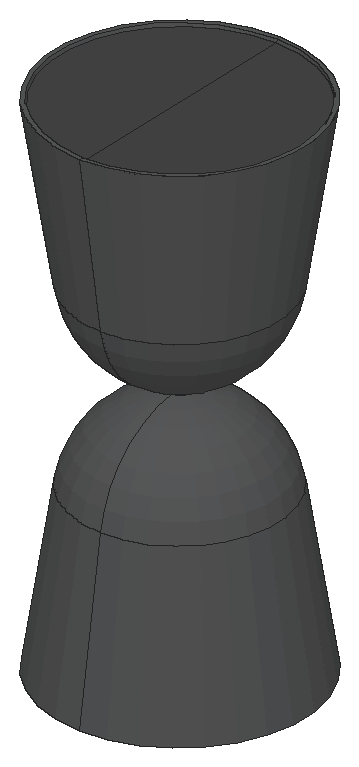
Revit family "CONV_Zero_GnrlPrpseLmnrs_ConvexSpotlight", category Lighting Fixtures, host Face, Revit 2015
Parameters (values of type "Convex spotlight LED1325LM/17W HFF medium beam")
  Wattage = 8.41513 W
  WarrantyStartDate [instance] = "n/a"
  WarrantyGuarantorParts = "n/a"
  WarrantyGuarantorLabor = "n/a"
  WarrantyDurationUnit = "Year"
  WarrantyDurationParts = "n/a"
  WarrantyDurationLabor = "n/a"
  WarrantyDescription = "n/a"
  built-in parameter 1150110 = 1 (stored number, unit not read)
  VersionDate = "13/12/2017"  # constant formula
  Version = "1"  # constant formula
  UsageCurrent = 0 A
  Uniclass2015Reference = "Pr_70_70_48_85"
  Uniclass2015Description = "Surface luminaires"
  Uniclass2 = "Pr_70_70_49"
  URL = "https://www.zerolighting.com/convexspotlight-inomva"
  TotalWattage = 17 W
  built-in parameter 1114217 = 1 (stored number, unit not read)
  Tilt Angle = 90.00°
  built-in parameter 1150109 = 1 (stored number, unit not read)
  built-in parameter 1150134 = 3
  TagNumber [instance] = "n/a"
  SustainabilityPerformance = "n/a"
  built-in parameter 1150113 = 1 (stored number, unit not read)
  Size = "124x124x254 mm"
  Shape = "Sculptured"
  SerialNumber [instance] = "n/a"
  Revision = "n/a"
  ReplacementCost = "n/a"
  ProductInformation = "n/a"
  Photometric Web File = "Convex8401-8406_IES.IES"
  PhaseReference = "n/a"
  PhaseAngle = 0.00°
  NumberOfSources = 0
  NumberOfPoles = 1
  Note = "Article numbers change according shade colors.  XX = -01 White, -06 Black, -11 Grey, -12 Green."
  NominalWidth = 124 mm
  NominalVoltageCalc = 0 V
  NominalVoltage = 230 V
  NominalRadius = 62 mm
  NominalLength = 124 mm
  NominalHeight = 254 mm
  NominalFrequencyRange = 50 Hz
  NominalDiameter = 124 mm
  NominalCurrent = 0 A
  Name = "GnrlPrpseLmnrs_ConvexSpotlight"
  NBSReference = "90-60-50/405"
  NBSDescription = "General purpose luminaires"
  Model = "Convex spotlight LED1325LM/17W HFF medium beam"
  Manufacturer = "Zero"
  ModelReference = "n/a"
  ModelNumber = "8401-1-XXHFF"
  Material = "Metal"
  ManufacturersSpecificInformation = "n/a"
  ManufacturerURL = "https://www.zerolighting.com/"
  ManufacturerName = "Zero"
  MaintenanceFactor = 0
  built-in parameter 1150105 = 2682.8 (stored number, unit not read)
  Lumens = 1250 lm
  built-in parameter 1150115 = 1 (stored number, unit not read)
  LightFixturePlacingType = "Wall/ceiling"
  LightFixtureMountingType = "Surface"
  LightFixtureMainMaterial [instance] = Black NCS S9000
  built-in parameter 1150137 = (empty or 0)
  built-in parameter 1150139 = (empty or 0)
  LensMaterial = Tempered glass
  built-in parameter 1150112 = 1 (stored number, unit not read)
  built-in parameter 1150114 = 1 (stored number, unit not read)
  InsulationStandardClass = "n/a"
  InstallationDate [instance] = "n/a"
  built-in parameter 1150132 = 2
  built-in parameter 1150102 = (empty or 0)
  built-in parameter 1150107 = 3200 (stored number, unit not read)
  built-in parameter 1150138 = (empty or 0)
  built-in parameter 1150106 = 26.828 (stored number, unit not read)
  IfcExportType = "NOTDEFINED"  # constant formula
  IfcExportAs = "IfcLightFixtureType"  # constant formula
  IP_Code = "IP20"
  HasProtectiveEarth = no
  Grade = "n/a"
  Finish = "Painted aluminum"
  Features = "Terminalblock"
  ExpiringDate = "07/2018"  # constant formula
  ExpectedLife = "n/a"
  Emit from Circle Diameter = 122 mm
  Emit Shape Visible in Rendering = no
  ElectricalDeviceNominalPower = 0
  built-in parameter 1150104 = 13.8 (stored number, unit not read)
  EANNumber = "n/a"
  DurationUnit = "Year"
  Dimming Lamp Color Temperature Shift = <None>
  Dimming = "Dimmbart DALI alt. SwitchDim/Dimmable DALI or SwitchDim"
  Designer = "Jens Fager"
  Default Elevation = 0 mm
  ConvergoRefNr = "0046-1708-0006-SE"
  Constituents = "n/a"
  Color Filter = 16777215
  Color = "Various"
  Collection = "Convex"
  CodePerformance = "n/a"
  Category = "Wall"
  Brand = "Zero"
  Barcode [instance] = "n/a"
  built-in parameter 1114218 = 1 (stored number, unit not read)
  BIMObjectName = "CONV_Zero_GnrlPrpseLmnrs_ConvexSpotlight"
  Author = "Convergo AB"  # constant formula
  built-in parameter 1150133 = 10 (stored number, unit not read)
  AssetType = "Fixed"
  AssetIdentifier [instance] = "n/a"
  ArticleNumber = "8401-1-XXHFF"
  AccessibilityPerformance = "n/a"
Types (7, lengths in mm): name | Wattage | Tilt Angle | Photometric Web File | Note | Model | ModelNumber | built-in parameter 1150105 | Lumens | built-in parameter 1150106 | Emit from Circle Diameter | Dimming | ArticleNumber
  (no name) | 8.41513 W | 90.00° | "Convex8401-8406_IES.IES" | "Article numbers change according shade colors.  XX = -01 White, -06 Black, -11 Grey, -12 Green." | "Convex spotlight LED1325LM/17W HFF medium beam" | "8401-1-XXHFF" | 2682.8 (stored number, unit not read) | 1250 lm | 26.828 (stored number, unit not read) | 122 | "Dimmbart DALI alt. SwitchDim/Dimmable DALI or SwitchDim" | "8401-1-XXHFF"
  Convex spotlight LED1325LM/17W narrow beam | 8.92004 W | 0.00° | "Convex8400-8405_IES.IES" | "" | "Convex spotlight LED1325LM/17W narrow beam" | "8400-1-XX" | 6926.5 (stored number, unit not read) | 1325 lm | 69.265 (stored number, unit not read) | 609.6 | "None" | "8400-1-XX"
  Convex spotlight LED1325LM/17W medium beam | 8.41513 W | 0.00° | "Convex8401-8406_IES.IES" | "Article numbers change according shade colors.  XX = -01 White, -06 Black, -11 Grey, -12 Green." | "Convex spotlight LED1325LM/17W medium beam" | "8401-1-XX" | 2682.8 (stored number, unit not read) | 1250 lm | 26.828 (stored number, unit not read) | 609.6 | "None" | "8401-1-XX"
  Convex spotlight LED1325LM/17W wide beam | 8.81906 W | 0.00° | "Convex8402-8407_IES.IES" | "Article numbers change according shade colors.  XX = -01 White, -06 Black, -11 Grey, -12 Green." | "Convex spotlight LED1325LM/17W wide beam" | "8402-1-XX" | 2309.2 (stored number, unit not read) | 1310 lm | 23.092 (stored number, unit not read) | 609.6 | "None" | "8402-1-XX"
  Convex spotlight LED1325LM/17W HFF wide beam | 8.81906 W | 0.00° | "Convex8402-8407_IES.IES" | "Article numbers change according shade colors.  XX = -01 White, -06 Black, -11 Grey, -12 Green." | "Convex spotlight LED1325LM/17W HFF wide beam" | "8402-1-XXHFF" | 2309.2 (stored number, unit not read) | 1310 lm | 23.092 (stored number, unit not read) | 609.6 | "Dimmbart DALI alt. SwitchDim/Dimmable DALI or SwitchDim" | "8402-1-XXHFF"
  Convex spotlight LED1325LM/17W HFF medium beam | 8.41513 W | 90.00° | "Convex8401-8406_IES.IES" | "Article numbers change according shade colors.  XX = -01 White, -06 Black, -11 Grey, -12 Green." | "Convex spotlight LED1325LM/17W HFF medium beam" | "8401-1-XXHFF" | 2682.8 (stored number, unit not read) | 1250 lm | 26.828 (stored number, unit not read) | 122 | "Dimmbart DALI alt. SwitchDim/Dimmable DALI or SwitchDim" | "8401-1-XXHFF"
  Convex spotlight LED1325LM/17W HFF narrow beam | 8.92004 W | 0.00° | "Convex8400-8405_IES.IES" | "" | "Convex spotlight LED1325LM/17W HFF narrow beam" | "8400-1-XXHFF" | 6926.5 (stored number, unit not read) | 1325 lm | 69.265 (stored number, unit not read) | 609.6 | "Dimmbart DALI alt. SwitchDim/Dimmable DALI or SwitchDim" | "8400-1-XXHFF"
Reference planes
  plane 1 "Center (Front/Back)": y = 0
  plane 2: z = 0
  plane 3 "Center (Left/Right)": x = 0
  plane 4: y = 62
  plane 5: y = -62
  plane 6: x = -62
  plane 7: x = 62
  plane 8: z = 254
Dimensions and locks
  equal spacing: plane 4, plane 1 "Center (Front/Back)", plane 5
  "NominalWidth": plane 4 to plane 5
  equal spacing: plane 6, plane 3 "Center (Left/Right)", plane 7
  "NominalLength": plane 6 to plane 7
  "NominalHeight": plane 8 to host face
  aligned and locked: plane 2 to host face
  aligned and locked: level to host face
Automatic sketch dimensions
  host sketch curve to host sketch curve = 2438.4 mm  (x2)
Nested families
  nested 1: "Convex-spotlight" at (0, 0, 0), Material1 <- "LightFixtureMainMaterial", Material2 <- "LensMaterial", Material3 <- "LightFixtureMainMaterial", type "Convex-spotlight"
    with Material3 Black NCS S9000, Material2 Tempered glass, Material1 Black NCS S9000
Connectors
  electrical at (0, 0, 0), driven by "NominalVoltage"
    settings: on nested 1, index 1, voltage 230 V, apparent load 0 VA, apparent load phase1 0 VA, apparent load phase2 0 VA, apparent load phase3 0 VA, power factor 1, load classification "Other", number of poles 1, system type 31, power factor state 1, is connector primary yes, connector utility no, sub classification motor no, connector description ""
Definition of nested family "Convex-spotlight"
  Parameters (values of type "Convex-spotlight")
    Material3 [instance] = none
    Material2 [instance] = none
    Material1 [instance] = none
  Reference planes
    plane 1 "Center (Front/Back)": y = 0
    plane 2: z = 0
    plane 3 "Center (Left/Right)": x = 0
    plane 4: z = 1039
  Forms (mm)
    Revolve 1, solid, material <- "Material1", detail levels medium+fine
      sketch origin (0, 0, 0) x (0, 1, 0) y (0, 0, 1)
        loop
          line (59.975, 0) -> (62, 0) -> (48.97, 82.268)
          arc (48.97, 82.268) -> (33.899, 110.927) -> (4.5, 124.5) r 50.396
          line (4.5, 124.5) -> (0, 124.5) -> (0, 5) -> (59.183, 5) -> (59.975, 0)
        loop
          line (59.975, 254) -> (46.995, 172.045)
          arc (46.995, 172.045) -> (32.559, 144.559) -> (4.393, 131.5) r 48.396
          line (4.393, 131.5) -> (0, 131.5) -> (0, 129.5) -> (4.5, 129.5)
          arc (4.5, 129.5) -> (33.899, 143.073) -> (48.97, 171.732) r 50.396
          line (48.97, 171.732) -> (62, 254) -> (59.975, 254)
        axis (0, 0) -> (0, 254)
      angle from 0 to 360
    Revolve 2, solid, material <- "Material3", detail levels medium+fine
      sketch origin (0, 0, 0) x (0, 1, 0) y (0, 0, 1)
        loop
          line (4.5, 127.5) -> (4.5, 129.5) -> (0, 129.5) -> (0, 124.5) -> (4.5, 124.5) -> (4.5, 125.5) -> (2.5, 125.5) -> (2.5, 127.5) -> (4.5, 127.5)
        axis (0, 129.5) -> (0, 124.5)
      angle from 0 to 360
    Revolve 3, solid, material <- "Material2", detail levels medium+fine
      sketch origin (0, 0, 0) x (0, 1, 0) y (0, 0, 1)
        loop
          line (0, 252.53) -> (0, 251.53) -> (59.599, 251.53) -> (59.757, 252.53) -> (0, 252.53)
        axis (0, 252.53) -> (0, 251.53)
      angle from 0 to 360
    Extrusion 4, solid, material <- "Material1", detail levels coarse
      sketch origin (0, 0, 0) x (1, 0, 0) y (0, 1, 0)
        loop
          line (62, 62) -> (0, 62) -> (-62, 62) -> (-62, -62) -> (0, -62) -> (62, -62) -> (62, 62)
      from 0 to 254
  Lines and regions (mm)
    symbolic lines, detail levels medium+fine
      curve 1: line (-62, 0, 0) -> (-48.998, 0, 82.089)
      curve 2: arc (-48.998, 0, 82.089) -> (-33.922, 0, 110.82) -> (-4.5, 0, 124.5) r 50.633
      curve 4: line (-4.5, 0, 124.5) -> (-4.5, 0, 125.5)
      curve 5: line (-4.5, 0, 125.5) -> (-2.479, 0, 125.5)
      curve 6: line (-2.479, 0, 125.5) -> (-2.479, 0, 127.5)
      curve 7: line (-4.5, 0, 129.5) -> (-4.5, 0, 127.5)
      curve 8: line (-4.5, 0, 127.5) -> (-2.479, 0, 127.5)
      curve 10: arc (-4.5, 0, 129.5) -> (-33.61, 0, 142.778) -> (-48.887, 0, 170.891) r 50.466
      curve 11: line (-48.887, 0, 170.891) -> (-62.05, 0, 254)
      curve 12: line (62, 0, 0) -> (48.998, 0, 82.089)
      curve 13: arc (48.998, 0, 82.089) -> (33.922, 0, 110.82) -> (4.5, 0, 124.5) r 50.633
      curve 15: line (4.5, 0, 124.5) -> (4.5, 0, 125.5)
      curve 16: line (4.5, 0, 125.5) -> (2.479, 0, 125.5)
      curve 17: line (2.479, 0, 125.5) -> (2.479, 0, 127.5)
      curve 18: line (4.5, 0, 129.5) -> (4.5, 0, 127.5)
      curve 19: line (4.5, 0, 127.5) -> (2.479, 0, 127.5)
      curve 21: arc (4.5, 0, 129.5) -> (33.61, 0, 142.778) -> (48.887, 0, 170.891) r 50.466
      curve 23: line (48.887, 0, 170.891) -> (62.05, 0, 254)
      curve 28: line (-62, 0, 0) -> (0, 0, 0)
      curve 29: line (62, 0, 0) -> (0, 0, 0)
      curve 30: line (62.05, 0, 254) -> (-62.05, 0, 254)
      curve 31: line (0, 62, 254) -> (0, -62, 254)
      curve 32: line (0, 62, 0) -> (0, -62, 0)
      curve 33: line (0, 62, 0) -> (0, 48.703, 83.954)
      curve 34: arc (0, 4.5, 124.5) -> (0, 33.262, 111.487) -> (0, 48.703, 83.954) r 50.573
      curve 35: line (0, 4.5, 124.5) -> (0, 4.5, 125.5)
      curve 36: line (0, 4.5, 125.5) -> (0, 2.5, 125.5)
      curve 37: line (0, 2.5, 125.5) -> (0, 2.5, 127.5)
      curve 38: line (0, 2.5, 127.5) -> (0, 4.5, 127.5)
      curve 39: line (0, 4.5, 127.5) -> (0, 4.5, 129.5)
      curve 40: arc (0, 4.5, 129.5) -> (0, 32.992, 142.05) -> (0, 48.451, 169.074) r 49.766
      curve 41: line (0, 48.451, 169.074) -> (0, 62, 254)
      curve 42: line (0, -62, 0) -> (0, -48.703, 83.954)
      curve 43: arc (0, -4.5, 124.5) -> (0, -33.262, 111.487) -> (0, -48.703, 83.954) r 50.573
      curve 44: line (0, -4.5, 124.5) -> (0, -4.5, 125.5)
      curve 45: line (0, -4.5, 125.5) -> (0, -2.5, 125.5)
      curve 46: line (0, -2.5, 125.5) -> (0, -2.5, 127.5)
      curve 47: line (0, -2.5, 127.5) -> (0, -4.5, 127.5)
      curve 48: line (0, -4.5, 127.5) -> (0, -4.5, 129.5)
      curve 49: arc (0, -4.5, 129.5) -> (0, -32.992, 142.05) -> (0, -48.451, 169.074) r 49.766
      curve 50: line (0, -48.451, 169.074) -> (0, -62, 254)
      curve 55: circle (0, 0, 0) r 62 normal (0, 0, 1)
    symbolic lines, detail levels fine
      curve 3: line (-4.5, 0, 124.5) -> (0, 0, 124.5)
      curve 9: line (-4.5, 0, 129.5) -> (0, 0, 129.5)
      curve 14: line (4.5, 0, 124.5) -> (0, 0, 124.5)
      curve 20: line (4.5, 0, 129.5) -> (0, 0, 129.5)
      curve 24: line (2.479, 0, 127.5) -> (0, 0, 127.5)
      curve 25: line (-2.479, 0, 127.5) -> (0, 0, 127.5)
      curve 26: line (-2.479, 0, 125.5) -> (0, 0, 125.5)
      curve 27: line (2.479, 0, 125.5) -> (0, 0, 125.5)
      curve 51: line (0, 4.5, 124.5) -> (0, -4.5, 124.5)
      curve 52: line (0, 2.5, 125.5) -> (0, -2.5, 125.5)
      curve 53: line (0, 2.5, 127.5) -> (0, -2.5, 127.5)
      curve 54: line (0, 4.5, 129.5) -> (0, -4.5, 129.5)
      curve 56: circle (0, 0, 0) r 59.8 normal (0, 0, 1)
    symbolic lines
      curve 22: line (0, 0, 254) -> (62.05, 0, 254)
  Dimensions and locks
    aligned and locked: level to plane 2
